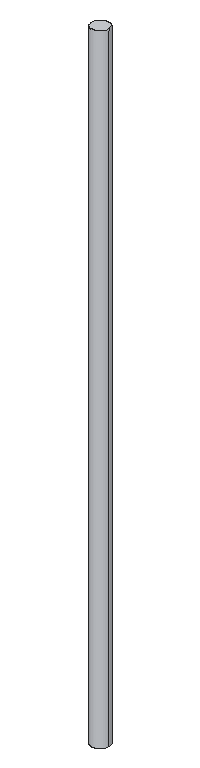
Revit family "BIM_ST_Scaff_StandardPost_Shared", category Generic Models, Revit 2022
Family settings
  Can host rebar = No
  Round Connector Dimension = Use Diameter
  Part Type = Normal
  Work Plane-Based = No
  Always vertical = Yes
  Cut with Voids When Loaded = No
  Maintain Annotation Orientation = No
  Shared = Yes
  Room Calculation Point = No
Parameters
  Default Elevation = 0 mm
Reference planes
  plane 1 "Center (Front/Back)": y = 0
  plane 2: z = 0
  plane 3 "Center (Left/Right)": x = 0
Forms (mm)
  Extrusion 1, solid
    sketch origin (0, 0, 0) x (1, 0, 0) y (0, 1, 0)
      loop
        circle (0, 0) r 24.3
    from 0 to 1800
Dimensions and locks
  aligned and locked: level to plane 2
